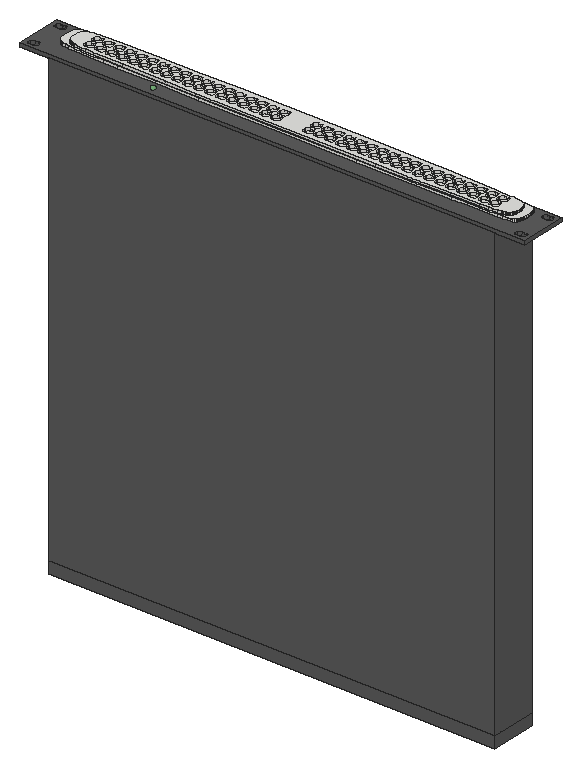
Revit family "Electronics_Messaging-Processors_Biamp_Vocia_MS-1e__", category Communication Devices, host Face, Revit 2020
Family settings
  Host = Face
  Maintain Annotation Orientation = No
  Round Connector Dimension = Use Diameter
  Part Type = Normal
  OmniClass Number = 23.85.10.11.11
  OmniClass Title = Sound and Signal Devices
  Cut with Voids When Loaded = No
  Shared = No
  Room Calculation Point = No
Parameters (values of type "MS-1e")
  Width = 19.00"  # constant formula
  Weight = 12.00 lbf  # constant formula
  Voltage = 120 V
  URL = "https://www.biamp.com/"
  Temperature Range = "32 - 113° F (0 – 45° C)"  # constant formula
  Product data url = "https://www.bimobject.com/biamp/product/vocia-ms-1e_messaging-processor"
  Product Page URL = "https://www.biamp.com/products/product-families/vocia/vocia-messaging-processors#vocia-ms-1e"
  Product Documentation Link = "https://downloads.biamp.com/assets/docs/default-source/data-sheets/biamp_data_sheet_vocia_ms-1e_may21.pdf"
  Power Factor = 1
  Number of Poles = 1
  Network Connection = "RJ-45 with shielded Ethernet (CAT5, CAT5e, CAT6, or CAT7)"  # constant formula
  Model = "Vocia MS-1e"
  Max Power Consumption = 300 W
  Manufacturer = "Biamp"  # constant formula
  Humidity = "5-95% non-condensing"  # constant formula
  Housing Material = Biamp - Metal - Black
  Height = 1.75"  # constant formula
  Description = "Vocia® MS-1e Message Processor"
  Depth = 17.50"  # constant formula
  Default Elevation = 48.00"
  Connector Description = "100-240VAC 50/60Hz"  # constant formula
  Compliance = "FCC Part 15 Class A (USA), CE marked (Europe), UL listed (USA and Canada), RoHS Directive (Europe)"  # constant formula
  Assembly Code = ""
  Apparent Load = Max Power Consumption / Power Factor  # 300 VA
  Altitude = "0-10,000 ft (0-3000m) MSL"  # constant formula
Reference planes (in)
  plane 1 "Center (Front/Back)": y = 0
  plane 2: z = 0
  plane 3 "Center (Left/Right)": x = 0
  plane 4: x = 18.34522
  plane 5: y = 0.62461
  plane 6: y = -0.62494
Forms (in)
  Extrusion 1, solid, material "Biamp - Metal - Black" <- "Housing Material"
    sketch origin (9.17118, -0.875, -8.63189) x (1, 0, 0) y (0, 0, -1)
      loop
        line (-8.40333, 8.33661) -> (-8.40333, -8.63189) -> (8.38801, -8.63189) -> (8.38801, 8.33661) -> (-8.40333, 8.33661)
    from 0 to 1.75
  Extrusion 2, solid, material "Biamp - Metal - Black" <- "Housing Material"
    sketch origin (9.17118, -0.875, -8.63189) x (1, 0, 0) y (0, 1, 0)
      loop
        line (-9.5, 1.75) -> (-9.5, 0) -> (9.5, 0) -> (9.5, 1.75) -> (-9.5, 1.75)
      loop
        arc (-9.24055, 1.6309) -> (-9.32188, 1.60351) -> (-9.37008, 1.5325) r 0.13446
        line (-9.37008, 1.5325) -> (-9.37008, 1.46673)
        arc (-9.37008, 1.46673) -> (-9.32188, 1.39572) -> (-9.24055, 1.36833) r 0.13446
        line (-9.24055, 1.36833) -> (-9.10181, 1.36833)
        arc (-9.10181, 1.36833) -> (-9.01886, 1.39742) -> (-8.97227, 1.47196) r 0.13277
        line (-8.97227, 1.47196) -> (-8.97227, 1.52727)
        arc (-8.97227, 1.52727) -> (-9.01886, 1.60181) -> (-9.10181, 1.6309) r 0.13277
        line (-9.10181, 1.6309) -> (-9.24055, 1.6309)
      loop
        arc (-9.24055, 0.38134) -> (-9.32188, 0.35395) -> (-9.37008, 0.28294) r 0.13446
        line (-9.37008, 0.28294) -> (-9.37008, 0.21717)
        arc (-9.37008, 0.21717) -> (-9.32188, 0.14616) -> (-9.24055, 0.11877) r 0.13446
        line (-9.24055, 0.11877) -> (-9.10181, 0.11877)
        arc (-9.10181, 0.11877) -> (-9.01886, 0.14786) -> (-8.97227, 0.2224) r 0.13277
        line (-8.97227, 0.2224) -> (-8.97227, 0.27771)
        arc (-8.97227, 0.27771) -> (-9.01886, 0.35225) -> (-9.10181, 0.38134) r 0.13277
        line (-9.10181, 0.38134) -> (-9.24055, 0.38134)
      loop
        arc (9.10467, 1.6309) -> (9.02334, 1.60351) -> (8.97514, 1.5325) r 0.13446
        line (8.97514, 1.5325) -> (8.97514, 1.46673)
        arc (8.97514, 1.46673) -> (9.02334, 1.39572) -> (9.10467, 1.36833) r 0.13446
        line (9.10467, 1.36833) -> (9.24341, 1.36833)
        arc (9.24341, 1.36833) -> (9.32636, 1.39742) -> (9.37295, 1.47196) r 0.13277
        line (9.37295, 1.47196) -> (9.37295, 1.52727)
        arc (9.37295, 1.52727) -> (9.32636, 1.60181) -> (9.24341, 1.6309) r 0.13277
        line (9.24341, 1.6309) -> (9.10467, 1.6309)
      loop
        arc (9.10467, 0.38134) -> (9.02334, 0.35395) -> (8.97514, 0.28294) r 0.13446
        line (8.97514, 0.28294) -> (8.97514, 0.21717)
        arc (8.97514, 0.21717) -> (9.02334, 0.14616) -> (9.10467, 0.11877) r 0.13446
        line (9.10467, 0.11877) -> (9.24341, 0.11877)
        arc (9.24341, 0.11877) -> (9.32636, 0.14786) -> (9.37295, 0.2224) r 0.13277
        line (9.37295, 0.2224) -> (9.37295, 0.27771)
        arc (9.37295, 0.27771) -> (9.32636, 0.35225) -> (9.24341, 0.38134) r 0.13277
        line (9.24341, 0.38134) -> (9.10467, 0.38134)
    from 8.63189 to 8.75
  Extrusion 3, solid, material "Biamp - Metal - Silver", detail levels medium+fine
    sketch origin (9.17118, -0.875, -8.63189) x (1, 0, 0) y (0, 1, 0)
      loop
        line (-8.32517, 1.6716) -> (-8.42659, 1.65719) -> (-8.46282, 1.65)
        arc (-8.46282, 1.65) -> (-8.51245, 1.63391) -> (-8.55699, 1.60672) r 0.22266
        line (-8.55699, 1.60672) -> (-8.58454, 1.58077) -> (-8.60916, 1.5505) -> (-8.62943, 1.52022) -> (-8.64682, 1.48564) -> (-8.65986, 1.45102) -> (-8.67146, 1.41353) -> (-8.68017, 1.37605) -> (-8.6874, 1.33568) -> (-8.69465, 1.2535) -> (-8.69609, 1.17132) -> (-8.69465, 1.08769) -> (-8.6874, 1.00549) -> (-8.68017, 0.96657) -> (-8.67146, 0.92764) -> (-8.65986, 0.89015) -> (-8.64682, 0.85555) -> (-8.62943, 0.82096) -> (-8.60916, 0.79066) -> (-8.58454, 0.7604) -> (-8.55699, 0.73444)
        arc (-8.55699, 0.73444) -> (-8.51345, 0.7051) -> (-8.46282, 0.69119) r 0.16224
        line (-8.46282, 0.69119) -> (-8.42659, 0.68399) -> (-8.32517, 0.67101) -> (-8.17446, 0.65803) -> (-7.96292, 0.64648) -> (-7.68036, 0.63639) -> (-7.31522, 0.62775) -> (-6.85445, 0.62054) -> (-6.28647, 0.61479) -> (-4.88461, 0.60613) -> (-3.23239, 0.60036) -> (-0.00084, 0.60036) -> (2.72034, 0.60036) -> (4.78368, 0.60613) -> (6.28336, 0.61479) -> (6.85136, 0.62054) -> (7.31211, 0.62775) -> (7.67726, 0.63639) -> (7.95984, 0.64648) -> (8.17138, 0.65803) -> (8.32207, 0.67101) -> (8.42349, 0.68399) -> (8.45971, 0.69119)
        arc (8.45971, 0.69119) -> (8.51035, 0.70508) -> (8.55389, 0.73444) r 0.16206
        line (8.55389, 0.73444) -> (8.58143, 0.7604) -> (8.60606, 0.79066) -> (8.62635, 0.82096) -> (8.64374, 0.85555) -> (8.65678, 0.89015) -> (8.66837, 0.92764) -> (8.67705, 0.96657) -> (8.68432, 1.00549) -> (8.69151, 1.08769) -> (8.69297, 1.17132) -> (8.69151, 1.2535) -> (8.68432, 1.33568) -> (8.67705, 1.37605) -> (8.66837, 1.41353) -> (8.65678, 1.45102) -> (8.64374, 1.48564) -> (8.62635, 1.52022) -> (8.60606, 1.5505) -> (8.58143, 1.58077) -> (8.55389, 1.60672)
        arc (8.55389, 1.60672) -> (8.50935, 1.63391) -> (8.45971, 1.65) r 0.22277
        line (8.45971, 1.65) -> (8.42349, 1.65719) -> (8.32207, 1.6716) -> (8.17138, 1.68312) -> (7.95984, 1.69468) -> (7.67726, 1.70477) -> (7.31211, 1.71342) -> (6.85136, 1.72064) -> (6.28336, 1.7264) -> (4.78368, 1.73504) -> (2.72034, 1.74226) -> (-0.00084, 1.74226) -> (-2.82128, 1.74226) -> (-4.88461, 1.73504) -> (-6.3843, 1.7264) -> (-6.95228, 1.72064) -> (-7.41306, 1.71342) -> (-7.7782, 1.70477) -> (-7.96292, 1.69468) -> (-8.17446, 1.68312) -> (-8.32517, 1.6716)
    from 8.75 to 8.82874
  Extrusion 4, solid, material "Biamp - Metal - Silver", detail levels medium+fine
    sketch origin (9.17118, -0.875, -8.32128) x (1, 0, 0) y (0, 1, 0)
      loop
        line (-8.37477, 1.08769) -> (-8.36541, 1.03461) -> (-8.35774, 1.0014) -> (-8.34837, 0.97075) -> (-8.3336, 0.93017) -> (-8.31918, 0.89924) -> (-8.3023, 0.87202) -> (-8.28075, 0.84723) -> (-8.25666, 0.82702) -> (-8.22822, 0.80855) -> (-8.19232, 0.79181) -> (-8.15482, 0.77741) -> (-8.11776, 0.76678) -> (-8.07375, 0.75662) -> (-8.02802, 0.74773) -> (-7.91451, 0.73178) -> (-7.7246, 0.71516) -> (-7.58628, 0.70899) -> (-7.26661, 0.69863) -> (-6.17634, 0.6734) -> (-4.575, 0.65767) -> (-3.39395, 0.64607) -> (0, 0.64607) -> (3.39395, 0.64607) -> (4.575, 0.65767) -> (6.17634, 0.6734) -> (7.26661, 0.69863) -> (7.58628, 0.70899) -> (7.7246, 0.71516) -> (7.91451, 0.73178) -> (8.02802, 0.74773) -> (8.07375, 0.75662) -> (8.11776, 0.76678) -> (8.15482, 0.77741) -> (8.19232, 0.79181) -> (8.22822, 0.80855) -> (8.25666, 0.82702) -> (8.28075, 0.84723) -> (8.3023, 0.87202) -> (8.31918, 0.89924) -> (8.3336, 0.93017) -> (8.34837, 0.97075) -> (8.35774, 1.0014) -> (8.36541, 1.03461) -> (8.37477, 1.08769) -> (8.37621, 1.17132) -> (8.37621, 1.20434) -> (8.37142, 1.25866) -> (8.36419, 1.30432) -> (8.3573, 1.33845) -> (8.33983, 1.40854) -> (8.32782, 1.44086) -> (8.31075, 1.47043) -> (8.28941, 1.49666) -> (8.26308, 1.52146) -> (8.23282, 1.54187) -> (8.19518, 1.56105) -> (8.15208, 1.57846) -> (8.09238, 1.59558) -> (8.05641, 1.60272) -> (7.99322, 1.61333) -> (7.92028, 1.62228) -> (7.7892, 1.6321) -> (7.61374, 1.63724) -> (7.10391, 1.65182) -> (5.71472, 1.68237) -> (5.4482, 1.68644) -> (4.98689, 1.69175) -> (4.74694, 1.69418) -> (4.30342, 1.6963) -> (2.60067, 1.70444) -> (0, 1.70444) -> (-2.60067, 1.70444) -> (-4.30342, 1.6963) -> (-4.74694, 1.69418) -> (-4.98689, 1.69175) -> (-5.4482, 1.68644) -> (-5.71472, 1.68237) -> (-7.10391, 1.65182) -> (-7.61374, 1.63724) -> (-7.7892, 1.6321) -> (-7.92028, 1.62228) -> (-7.99322, 1.61333) -> (-8.05641, 1.60272) -> (-8.09238, 1.59558) -> (-8.15208, 1.57846) -> (-8.19518, 1.56105) -> (-8.23282, 1.54187) -> (-8.26308, 1.52146) -> (-8.28941, 1.49666) -> (-8.31075, 1.47043) -> (-8.32782, 1.44086) -> (-8.33983, 1.40854) -> (-8.3573, 1.33845) -> (-8.36419, 1.30432) -> (-8.37142, 1.25866) -> (-8.37621, 1.20434) -> (-8.37621, 1.17132) -> (-8.37477, 1.08769)
      loop
        line (-7.82143, 1.37615) -> (-7.82143, 1.32966)
        arc (-7.82143, 1.32966) -> (-7.78222, 1.23501) -> (-7.68757, 1.1958) r 0.13386
        line (-7.68757, 1.1958) -> (-7.59423, 1.1958)
        arc (-7.59423, 1.1958) -> (-7.49956, 1.23502) -> (-7.46034, 1.3297) r 0.1339
        line (-7.46034, 1.3297) -> (-7.46034, 1.37611)
        arc (-7.46034, 1.37611) -> (-7.49956, 1.47079) -> (-7.59423, 1.51001) r 0.1339
        line (-7.59423, 1.51001) -> (-7.68757, 1.51001)
        arc (-7.68757, 1.51001) -> (-7.78222, 1.4708) -> (-7.82143, 1.37615) r 0.13386
      loop
        line (-7.82143, 1.0006) -> (-7.82143, 0.95411)
        arc (-7.82143, 0.95411) -> (-7.78222, 0.85946) -> (-7.68757, 0.82025) r 0.13386
        line (-7.68757, 0.82025) -> (-7.59423, 0.82025)
        arc (-7.59423, 0.82025) -> (-7.49956, 0.85947) -> (-7.46034, 0.95415) r 0.1339
        line (-7.46034, 0.95415) -> (-7.46034, 1.00056)
        arc (-7.46034, 1.00056) -> (-7.49956, 1.09524) -> (-7.59423, 1.13446) r 0.1339
        line (-7.59423, 1.13446) -> (-7.68757, 1.13446)
        arc (-7.68757, 1.13446) -> (-7.78222, 1.09525) -> (-7.82143, 1.0006) r 0.13386
      loop
        line (0.42289, 1.37615) -> (0.42289, 1.32966)
        arc (0.42289, 1.32966) -> (0.46209, 1.23501) -> (0.55675, 1.1958) r 0.13386
        line (0.55675, 1.1958) -> (0.65008, 1.1958)
        arc (0.65008, 1.1958) -> (0.74476, 1.23502) -> (0.78398, 1.3297) r 0.1339
        line (0.78398, 1.3297) -> (0.78398, 1.37611)
        arc (0.78398, 1.37611) -> (0.74476, 1.47079) -> (0.65008, 1.51001) r 0.1339
        line (0.65008, 1.51001) -> (0.55675, 1.51001)
        arc (0.55675, 1.51001) -> (0.46209, 1.4708) -> (0.42289, 1.37615) r 0.13386
      loop
        line (0.42289, 1.0006) -> (0.42289, 0.95411)
        arc (0.42289, 0.95411) -> (0.46209, 0.85946) -> (0.55675, 0.82025) r 0.13386
        line (0.55675, 0.82025) -> (0.65008, 0.82025)
        arc (0.65008, 0.82025) -> (0.74476, 0.85947) -> (0.78398, 0.95415) r 0.1339
        line (0.78398, 0.95415) -> (0.78398, 1.00056)
        arc (0.78398, 1.00056) -> (0.74476, 1.09524) -> (0.65008, 1.13446) r 0.1339
        line (0.65008, 1.13446) -> (0.55675, 1.13446)
        arc (0.55675, 1.13446) -> (0.46209, 1.09525) -> (0.42289, 1.0006) r 0.13386
      loop
        line (-7.41441, 1.37615) -> (-7.41441, 1.32966)
        arc (-7.41441, 1.32966) -> (-7.37521, 1.23501) -> (-7.28055, 1.1958) r 0.13386
        line (-7.28055, 1.1958) -> (-7.18722, 1.1958)
        arc (-7.18722, 1.1958) -> (-7.09254, 1.23502) -> (-7.05332, 1.3297) r 0.1339
        line (-7.05332, 1.3297) -> (-7.05332, 1.37611)
        arc (-7.05332, 1.37611) -> (-7.09254, 1.47079) -> (-7.18722, 1.51001) r 0.1339
        line (-7.18722, 1.51001) -> (-7.28055, 1.51001)
        arc (-7.28055, 1.51001) -> (-7.37521, 1.4708) -> (-7.41441, 1.37615) r 0.13386
      loop
        line (-7.40518, 1.0006) -> (-7.40518, 0.95411)
        arc (-7.40518, 0.95411) -> (-7.36598, 0.85946) -> (-7.27133, 0.82025) r 0.13386
        line (-7.27133, 0.82025) -> (-7.17799, 0.82025)
        arc (-7.17799, 0.82025) -> (-7.08331, 0.85947) -> (-7.0441, 0.95415) r 0.1339
        line (-7.0441, 0.95415) -> (-7.0441, 1.00056)
        arc (-7.0441, 1.00056) -> (-7.08331, 1.09524) -> (-7.17799, 1.13446) r 0.1339
        line (-7.17799, 1.13446) -> (-7.27133, 1.13446)
        arc (-7.27133, 1.13446) -> (-7.36598, 1.09525) -> (-7.40518, 1.0006) r 0.13386
      loop
        line (-7.00117, 1.37615) -> (-7.00117, 1.32966)
        arc (-7.00117, 1.32966) -> (-6.96197, 1.23501) -> (-6.86731, 1.1958) r 0.13386
        line (-6.86731, 1.1958) -> (-6.77398, 1.1958)
        arc (-6.77398, 1.1958) -> (-6.6793, 1.23502) -> (-6.64008, 1.3297) r 0.1339
        line (-6.64008, 1.3297) -> (-6.64008, 1.37611)
        arc (-6.64008, 1.37611) -> (-6.6793, 1.47079) -> (-6.77398, 1.51001) r 0.1339
        line (-6.77398, 1.51001) -> (-6.86731, 1.51001)
        arc (-6.86731, 1.51001) -> (-6.96197, 1.4708) -> (-7.00117, 1.37615) r 0.13386
      loop
        line (-6.99195, 1.0006) -> (-6.99195, 0.95411)
        arc (-6.99195, 0.95411) -> (-6.95274, 0.85946) -> (-6.85809, 0.82025) r 0.13386
        line (-6.85809, 0.82025) -> (-6.76475, 0.82025)
        arc (-6.76475, 0.82025) -> (-6.67007, 0.85947) -> (-6.63086, 0.95415) r 0.1339
        line (-6.63086, 0.95415) -> (-6.63086, 1.00056)
        arc (-6.63086, 1.00056) -> (-6.67007, 1.09524) -> (-6.76475, 1.13446) r 0.1339
        line (-6.76475, 1.13446) -> (-6.85809, 1.13446)
        arc (-6.85809, 1.13446) -> (-6.95274, 1.09525) -> (-6.99195, 1.0006) r 0.13386
      loop
        line (-6.58481, 1.37615) -> (-6.58481, 1.32966)
        arc (-6.58481, 1.32966) -> (-6.5456, 1.23501) -> (-6.45095, 1.1958) r 0.13386
        line (-6.45095, 1.1958) -> (-6.35762, 1.1958)
        arc (-6.35762, 1.1958) -> (-6.26294, 1.23502) -> (-6.22372, 1.3297) r 0.1339
        line (-6.22372, 1.3297) -> (-6.22372, 1.37611)
        arc (-6.22372, 1.37611) -> (-6.26294, 1.47079) -> (-6.35762, 1.51001) r 0.1339
        line (-6.35762, 1.51001) -> (-6.45095, 1.51001)
        arc (-6.45095, 1.51001) -> (-6.5456, 1.4708) -> (-6.58481, 1.37615) r 0.13386
      loop
        line (-6.57558, 1.0006) -> (-6.57558, 0.95411)
        arc (-6.57558, 0.95411) -> (-6.53638, 0.85946) -> (-6.44172, 0.82025) r 0.13386
        line (-6.44172, 0.82025) -> (-6.34839, 0.82025)
        arc (-6.34839, 0.82025) -> (-6.25371, 0.85947) -> (-6.21449, 0.95415) r 0.1339
        line (-6.21449, 0.95415) -> (-6.21449, 1.00056)
        arc (-6.21449, 1.00056) -> (-6.25371, 1.09524) -> (-6.34839, 1.13446) r 0.1339
        line (-6.34839, 1.13446) -> (-6.44172, 1.13446)
        arc (-6.44172, 1.13446) -> (-6.53638, 1.09525) -> (-6.57558, 1.0006) r 0.13386
      loop
        line (-6.17217, 1.37615) -> (-6.17217, 1.32966)
        arc (-6.17217, 1.32966) -> (-6.13296, 1.23501) -> (-6.03831, 1.1958) r 0.13386
        line (-6.03831, 1.1958) -> (-5.94498, 1.1958)
        arc (-5.94498, 1.1958) -> (-5.8503, 1.23502) -> (-5.81108, 1.3297) r 0.1339
        line (-5.81108, 1.3297) -> (-5.81108, 1.37611)
        arc (-5.81108, 1.37611) -> (-5.8503, 1.47079) -> (-5.94498, 1.51001) r 0.1339
        line (-5.94498, 1.51001) -> (-6.03831, 1.51001)
        arc (-6.03831, 1.51001) -> (-6.13296, 1.4708) -> (-6.17217, 1.37615) r 0.13386
      loop
        line (-6.16294, 1.0006) -> (-6.16294, 0.95411)
        arc (-6.16294, 0.95411) -> (-6.12374, 0.85946) -> (-6.02908, 0.82025) r 0.13386
        line (-6.02908, 0.82025) -> (-5.93575, 0.82025)
        arc (-5.93575, 0.82025) -> (-5.84107, 0.85947) -> (-5.80185, 0.95415) r 0.1339
        line (-5.80185, 0.95415) -> (-5.80185, 1.00056)
        arc (-5.80185, 1.00056) -> (-5.84107, 1.09524) -> (-5.93575, 1.13446) r 0.1339
        line (-5.93575, 1.13446) -> (-6.02908, 1.13446)
        arc (-6.02908, 1.13446) -> (-6.12374, 1.09525) -> (-6.16294, 1.0006) r 0.13386
      loop
        line (-5.75929, 1.37615) -> (-5.75929, 1.32966)
        arc (-5.75929, 1.32966) -> (-5.72008, 1.23501) -> (-5.62543, 1.1958) r 0.13386
        line (-5.62543, 1.1958) -> (-5.53209, 1.1958)
        arc (-5.53209, 1.1958) -> (-5.43741, 1.23502) -> (-5.3982, 1.3297) r 0.1339
        line (-5.3982, 1.3297) -> (-5.3982, 1.37611)
        arc (-5.3982, 1.37611) -> (-5.43741, 1.47079) -> (-5.53209, 1.51001) r 0.1339
        line (-5.53209, 1.51001) -> (-5.62543, 1.51001)
        arc (-5.62543, 1.51001) -> (-5.72008, 1.4708) -> (-5.75929, 1.37615) r 0.13386
      loop
        line (-5.75313, 1.0006) -> (-5.75313, 0.95411)
        arc (-5.75313, 0.95411) -> (-5.71393, 0.85946) -> (-5.61928, 0.82025) r 0.13386
        line (-5.61928, 0.82025) -> (-5.52594, 0.82025)
        arc (-5.52594, 0.82025) -> (-5.43126, 0.85947) -> (-5.39204, 0.95415) r 0.1339
        line (-5.39204, 0.95415) -> (-5.39204, 1.00056)
        arc (-5.39204, 1.00056) -> (-5.43126, 1.09524) -> (-5.52594, 1.13446) r 0.1339
        line (-5.52594, 1.13446) -> (-5.61928, 1.13446)
        arc (-5.61928, 1.13446) -> (-5.71393, 1.09525) -> (-5.75313, 1.0006) r 0.13386
      loop
        line (-5.34622, 1.37615) -> (-5.34622, 1.32966)
        arc (-5.34622, 1.32966) -> (-5.30702, 1.23501) -> (-5.21236, 1.1958) r 0.13386
        line (-5.21236, 1.1958) -> (-5.11903, 1.1958)
        arc (-5.11903, 1.1958) -> (-5.02435, 1.23502) -> (-4.98513, 1.3297) r 0.1339
        line (-4.98513, 1.3297) -> (-4.98513, 1.37611)
        arc (-4.98513, 1.37611) -> (-5.02435, 1.47079) -> (-5.11903, 1.51001) r 0.1339
        line (-5.11903, 1.51001) -> (-5.21236, 1.51001)
        arc (-5.21236, 1.51001) -> (-5.30702, 1.4708) -> (-5.34622, 1.37615) r 0.13386
      loop
        line (-5.34007, 1.0006) -> (-5.34007, 0.95411)
        arc (-5.34007, 0.95411) -> (-5.30086, 0.85946) -> (-5.20621, 0.82025) r 0.13386
        line (-5.20621, 0.82025) -> (-5.11288, 0.82025)
        arc (-5.11288, 0.82025) -> (-5.0182, 0.85947) -> (-4.97898, 0.95415) r 0.1339
        line (-4.97898, 0.95415) -> (-4.97898, 1.00056)
        arc (-4.97898, 1.00056) -> (-5.0182, 1.09524) -> (-5.11288, 1.13446) r 0.1339
        line (-5.11288, 1.13446) -> (-5.20621, 1.13446)
        arc (-5.20621, 1.13446) -> (-5.30086, 1.09525) -> (-5.34007, 1.0006) r 0.13386
      loop
        line (-4.93026, 1.37615) -> (-4.93026, 1.32966)
        arc (-4.93026, 1.32966) -> (-4.89105, 1.23501) -> (-4.7964, 1.1958) r 0.13386
        line (-4.7964, 1.1958) -> (-4.70307, 1.1958)
        arc (-4.70307, 1.1958) -> (-4.60839, 1.23502) -> (-4.56917, 1.3297) r 0.1339
        line (-4.56917, 1.3297) -> (-4.56917, 1.37611)
        arc (-4.56917, 1.37611) -> (-4.60839, 1.47079) -> (-4.70307, 1.51001) r 0.1339
        line (-4.70307, 1.51001) -> (-4.7964, 1.51001)
        arc (-4.7964, 1.51001) -> (-4.89105, 1.4708) -> (-4.93026, 1.37615) r 0.13386
      loop
        line (-4.92411, 1.0006) -> (-4.92411, 0.95411)
        arc (-4.92411, 0.95411) -> (-4.8849, 0.85946) -> (-4.79025, 0.82025) r 0.13386
        line (-4.79025, 0.82025) -> (-4.69692, 0.82025)
        arc (-4.69692, 0.82025) -> (-4.60224, 0.85947) -> (-4.56302, 0.95415) r 0.1339
        line (-4.56302, 0.95415) -> (-4.56302, 1.00056)
        arc (-4.56302, 1.00056) -> (-4.60224, 1.09524) -> (-4.69692, 1.13446) r 0.1339
        line (-4.69692, 1.13446) -> (-4.79025, 1.13446)
        arc (-4.79025, 1.13446) -> (-4.8849, 1.09525) -> (-4.92411, 1.0006) r 0.13386
      loop
        line (-4.51767, 1.37615) -> (-4.51767, 1.32966)
        arc (-4.51767, 1.32966) -> (-4.47846, 1.23501) -> (-4.38381, 1.1958) r 0.13386
        line (-4.38381, 1.1958) -> (-4.29048, 1.1958)
        arc (-4.29048, 1.1958) -> (-4.1958, 1.23502) -> (-4.15658, 1.3297) r 0.1339
        line (-4.15658, 1.3297) -> (-4.15658, 1.37611)
        arc (-4.15658, 1.37611) -> (-4.1958, 1.47079) -> (-4.29048, 1.51001) r 0.1339
        line (-4.29048, 1.51001) -> (-4.38381, 1.51001)
        arc (-4.38381, 1.51001) -> (-4.47846, 1.4708) -> (-4.51767, 1.37615) r 0.13386
      loop
        line (-4.51152, 1.0006) -> (-4.51152, 0.95411)
        arc (-4.51152, 0.95411) -> (-4.47231, 0.85946) -> (-4.37766, 0.82025) r 0.13386
        line (-4.37766, 0.82025) -> (-4.28433, 0.82025)
        arc (-4.28433, 0.82025) -> (-4.18965, 0.85947) -> (-4.15043, 0.95415) r 0.1339
        line (-4.15043, 0.95415) -> (-4.15043, 1.00056)
        arc (-4.15043, 1.00056) -> (-4.18965, 1.09524) -> (-4.28433, 1.13446) r 0.1339
        line (-4.28433, 1.13446) -> (-4.37766, 1.13446)
        arc (-4.37766, 1.13446) -> (-4.47231, 1.09525) -> (-4.51152, 1.0006) r 0.13386
      loop
        line (-4.10774, 1.37615) -> (-4.10774, 1.32966)
        arc (-4.10774, 1.32966) -> (-4.06854, 1.23501) -> (-3.97389, 1.1958) r 0.13386
        line (-3.97389, 1.1958) -> (-3.88055, 1.1958)
        arc (-3.88055, 1.1958) -> (-3.78587, 1.23502) -> (-3.74665, 1.3297) r 0.1339
        line (-3.74665, 1.3297) -> (-3.74665, 1.37611)
        arc (-3.74665, 1.37611) -> (-3.78587, 1.47079) -> (-3.88055, 1.51001) r 0.1339
        line (-3.88055, 1.51001) -> (-3.97389, 1.51001)
        arc (-3.97389, 1.51001) -> (-4.06854, 1.4708) -> (-4.10774, 1.37615) r 0.13386
      loop
        line (-4.10159, 1.0006) -> (-4.10159, 0.95411)
        arc (-4.10159, 0.95411) -> (-4.06239, 0.85946) -> (-3.96773, 0.82025) r 0.13386
        line (-3.96773, 0.82025) -> (-3.8744, 0.82025)
        arc (-3.8744, 0.82025) -> (-3.77972, 0.85947) -> (-3.7405, 0.95415) r 0.1339
        line (-3.7405, 0.95415) -> (-3.7405, 1.00056)
        arc (-3.7405, 1.00056) -> (-3.77972, 1.09524) -> (-3.8744, 1.13446) r 0.1339
        line (-3.8744, 1.13446) -> (-3.96773, 1.13446)
        arc (-3.96773, 1.13446) -> (-4.06239, 1.09525) -> (-4.10159, 1.0006) r 0.13386
      loop
        line (-3.69493, 1.37615) -> (-3.69493, 1.32966)
        arc (-3.69493, 1.32966) -> (-3.65573, 1.23501) -> (-3.56108, 1.1958) r 0.13386
        line (-3.56108, 1.1958) -> (-3.46774, 1.1958)
        arc (-3.46774, 1.1958) -> (-3.37306, 1.23502) -> (-3.33385, 1.3297) r 0.1339
        line (-3.33385, 1.3297) -> (-3.33385, 1.37611)
        arc (-3.33385, 1.37611) -> (-3.37306, 1.47079) -> (-3.46774, 1.51001) r 0.1339
        line (-3.46774, 1.51001) -> (-3.56108, 1.51001)
        arc (-3.56108, 1.51001) -> (-3.65573, 1.4708) -> (-3.69493, 1.37615) r 0.13386
      loop
        line (-3.68878, 1.0006) -> (-3.68878, 0.95411)
        arc (-3.68878, 0.95411) -> (-3.64958, 0.85946) -> (-3.55492, 0.82025) r 0.13386
        line (-3.55492, 0.82025) -> (-3.46159, 0.82025)
        arc (-3.46159, 0.82025) -> (-3.36691, 0.85947) -> (-3.32769, 0.95415) r 0.1339
        line (-3.32769, 0.95415) -> (-3.32769, 1.00056)
        arc (-3.32769, 1.00056) -> (-3.36691, 1.09524) -> (-3.46159, 1.13446) r 0.1339
        line (-3.46159, 1.13446) -> (-3.55492, 1.13446)
        arc (-3.55492, 1.13446) -> (-3.64958, 1.09525) -> (-3.68878, 1.0006) r 0.13386
      loop
        line (-3.27888, 1.37615) -> (-3.27888, 1.32966)
        arc (-3.27888, 1.32966) -> (-3.23968, 1.23501) -> (-3.14503, 1.1958) r 0.13386
        line (-3.14503, 1.1958) -> (-3.05169, 1.1958)
        arc (-3.05169, 1.1958) -> (-2.95701, 1.23502) -> (-2.9178, 1.3297) r 0.1339
        line (-2.9178, 1.3297) -> (-2.9178, 1.37611)
        arc (-2.9178, 1.37611) -> (-2.95701, 1.47079) -> (-3.05169, 1.51001) r 0.1339
        line (-3.05169, 1.51001) -> (-3.14503, 1.51001)
        arc (-3.14503, 1.51001) -> (-3.23968, 1.4708) -> (-3.27888, 1.37615) r 0.13386
      loop
        line (-3.27273, 1.0006) -> (-3.27273, 0.95411)
        arc (-3.27273, 0.95411) -> (-3.23353, 0.85946) -> (-3.13887, 0.82025) r 0.13386
        line (-3.13887, 0.82025) -> (-3.04554, 0.82025)
        arc (-3.04554, 0.82025) -> (-2.95086, 0.85947) -> (-2.91164, 0.95415) r 0.1339
        line (-2.91164, 0.95415) -> (-2.91164, 1.00056)
        arc (-2.91164, 1.00056) -> (-2.95086, 1.09524) -> (-3.04554, 1.13446) r 0.1339
        line (-3.04554, 1.13446) -> (-3.13887, 1.13446)
        arc (-3.13887, 1.13446) -> (-3.23353, 1.09525) -> (-3.27273, 1.0006) r 0.13386
      loop
        line (-2.86575, 1.37615) -> (-2.86575, 1.32966)
        arc (-2.86575, 1.32966) -> (-2.82654, 1.23501) -> (-2.73189, 1.1958) r 0.13386
        line (-2.73189, 1.1958) -> (-2.63855, 1.1958)
        arc (-2.63855, 1.1958) -> (-2.54388, 1.23502) -> (-2.50466, 1.3297) r 0.1339
        line (-2.50466, 1.3297) -> (-2.50466, 1.37611)
        arc (-2.50466, 1.37611) -> (-2.54388, 1.47079) -> (-2.63855, 1.51001) r 0.1339
        line (-2.63855, 1.51001) -> (-2.73189, 1.51001)
        arc (-2.73189, 1.51001) -> (-2.82654, 1.4708) -> (-2.86575, 1.37615) r 0.13386
      loop
        line (-2.8596, 1.0006) -> (-2.8596, 0.95411)
        arc (-2.8596, 0.95411) -> (-2.82039, 0.85946) -> (-2.72574, 0.82025) r 0.13386
        line (-2.72574, 0.82025) -> (-2.6324, 0.82025)
        arc (-2.6324, 0.82025) -> (-2.53772, 0.85947) -> (-2.49851, 0.95415) r 0.1339
        line (-2.49851, 0.95415) -> (-2.49851, 1.00056)
        arc (-2.49851, 1.00056) -> (-2.53772, 1.09524) -> (-2.6324, 1.13446) r 0.1339
        line (-2.6324, 1.13446) -> (-2.72574, 1.13446)
        arc (-2.72574, 1.13446) -> (-2.82039, 1.09525) -> (-2.8596, 1.0006) r 0.13386
      loop
        line (-2.45662, 1.37615) -> (-2.45662, 1.32966)
        arc (-2.45662, 1.32966) -> (-2.41742, 1.23501) -> (-2.32277, 1.1958) r 0.13386
        line (-2.32277, 1.1958) -> (-2.22943, 1.1958)
        arc (-2.22943, 1.1958) -> (-2.13475, 1.23502) -> (-2.09554, 1.3297) r 0.1339
        line (-2.09554, 1.3297) -> (-2.09554, 1.37611)
        arc (-2.09554, 1.37611) -> (-2.13475, 1.47079) -> (-2.22943, 1.51001) r 0.1339
        line (-2.22943, 1.51001) -> (-2.32277, 1.51001)
        arc (-2.32277, 1.51001) -> (-2.41742, 1.4708) -> (-2.45662, 1.37615) r 0.13386
      loop
        line (-2.44741, 1.00015) -> (-2.44741, 0.95459)
        arc (-2.44741, 0.95459) -> (-2.40806, 0.8596) -> (-2.31307, 0.82025) r 0.13434
        line (-2.31307, 0.82025) -> (-2.22054, 0.82025)
        arc (-2.22054, 0.82025) -> (-2.12563, 0.85957) -> (-2.08631, 0.95449) r 0.13424
        line (-2.08631, 0.95449) -> (-2.08631, 1.00136)
        arc (-2.08631, 1.00136) -> (-2.12529, 1.09548) -> (-2.2194, 1.13446) r 0.1331
        line (-2.2194, 1.13446) -> (-2.3131, 1.13446)
        arc (-2.3131, 1.13446) -> (-2.40807, 1.09512) -> (-2.44741, 1.00015) r 0.13431
      loop
        arc (-1.90991, 1.51001) -> (-2.00456, 1.4708) -> (-2.04376, 1.37615) r 0.13386
        line (-2.04376, 1.37615) -> (-2.04376, 1.32966)
        arc (-2.04376, 1.32966) -> (-2.00456, 1.23501) -> (-1.90991, 1.1958) r 0.13386
        line (-1.90991, 1.1958) -> (-1.81647, 1.1958)
        arc (-1.81647, 1.1958) -> (-1.72182, 1.23501) -> (-1.68261, 1.32966) r 0.13386
        line (-1.68261, 1.32966) -> (-1.68261, 1.37615)
        arc (-1.68261, 1.37615) -> (-1.72182, 1.4708) -> (-1.81647, 1.51001) r 0.13386
        line (-1.81647, 1.51001) -> (-1.90991, 1.51001)
      loop
        arc (-1.89875, 1.1347) -> (-1.99477, 1.09493) -> (-2.03454, 0.99892) r 0.13578
        line (-2.03454, 0.99892) -> (-2.03454, 0.95565)
        arc (-2.03454, 0.95565) -> (-1.99518, 0.86063) -> (-1.90016, 0.82127) r 0.13438
        line (-1.90016, 0.82127) -> (-1.807, 0.82127)
        arc (-1.807, 0.82127) -> (-1.71277, 0.8603) -> (-1.67374, 0.95453) r 0.13326
        line (-1.67374, 0.95453) -> (-1.67374, 1.0014)
        arc (-1.67374, 1.0014) -> (-1.71278, 1.09566) -> (-1.80704, 1.1347) r 0.1333
        line (-1.80704, 1.1347) -> (-1.89875, 1.1347)
      loop
        arc (-1.48454, 1.13446) -> (-1.5792, 1.09525) -> (-1.6184, 1.0006) r 0.13386
        line (-1.6184, 1.0006) -> (-1.6184, 0.95513)
        arc (-1.6184, 0.95513) -> (-1.5792, 0.86048) -> (-1.48454, 0.82127) r 0.13386
        line (-1.48454, 0.82127) -> (-1.39186, 0.82127)
        arc (-1.39186, 0.82127) -> (-1.29665, 0.86071) -> (-1.25722, 0.95591) r 0.13464
        line (-1.25722, 0.95591) -> (-1.25722, 1.0006)
        arc (-1.25722, 1.0006) -> (-1.29643, 1.09525) -> (-1.39108, 1.13446) r 0.13386
        line (-1.39108, 1.13446) -> (-1.48454, 1.13446)
      loop
        arc (-1.49454, 1.51001) -> (-1.58919, 1.4708) -> (-1.6284, 1.37615) r 0.13386
        line (-1.6284, 1.37615) -> (-1.6284, 1.32966)
        arc (-1.6284, 1.32966) -> (-1.58919, 1.23501) -> (-1.49454, 1.1958) r 0.13386
        line (-1.49454, 1.1958) -> (-1.4004, 1.1958)
        arc (-1.4004, 1.1958) -> (-1.30575, 1.23501) -> (-1.26655, 1.32966) r 0.13386
        line (-1.26655, 1.32966) -> (-1.26655, 1.37615)
        arc (-1.26655, 1.37615) -> (-1.30575, 1.4708) -> (-1.4004, 1.51001) r 0.13386
        line (-1.4004, 1.51001) -> (-1.49454, 1.51001)
      loop
        arc (-1.08188, 1.51001) -> (-1.17653, 1.4708) -> (-1.21573, 1.37615) r 0.13386
        line (-1.21573, 1.37615) -> (-1.21573, 1.32966)
        arc (-1.21573, 1.32966) -> (-1.17653, 1.23501) -> (-1.08188, 1.1958) r 0.13386
        line (-1.08188, 1.1958) -> (-0.98735, 1.1958)
        arc (-0.98735, 1.1958) -> (-0.89316, 1.23482) -> (-0.85414, 1.32901) r 0.13321
        line (-0.85414, 1.32901) -> (-0.85414, 1.37615)
        arc (-0.85414, 1.37615) -> (-0.89335, 1.4708) -> (-0.988, 1.51001) r 0.13386
        line (-0.988, 1.51001) -> (-1.08188, 1.51001)
      loop
        arc (-1.07188, 1.13533) -> (-1.16653, 1.09613) -> (-1.20574, 1.00147) r 0.13386
        line (-1.20574, 1.00147) -> (-1.20574, 0.95513)
        arc (-1.20574, 0.95513) -> (-1.16653, 0.86048) -> (-1.07188, 0.82127) r 0.13386
        line (-1.07188, 0.82127) -> (-0.978, 0.82127)
        arc (-0.978, 0.82127) -> (-0.88335, 0.86048) -> (-0.84414, 0.95513) r 0.13386
        line (-0.84414, 0.95513) -> (-0.84414, 1.00147)
        arc (-0.84414, 1.00147) -> (-0.88335, 1.09613) -> (-0.978, 1.13533) r 0.13386
        line (-0.978, 1.13533) -> (-1.07188, 1.13533)
      loop
        arc (-0.66496, 1.51001) -> (-0.75961, 1.4708) -> (-0.79881, 1.37615) r 0.13386
        line (-0.79881, 1.37615) -> (-0.79881, 1.32966)
        arc (-0.79881, 1.32966) -> (-0.75961, 1.23501) -> (-0.66496, 1.1958) r 0.13386
        line (-0.66496, 1.1958) -> (-0.57161, 1.1958)
        arc (-0.57161, 1.1958) -> (-0.47696, 1.23501) -> (-0.43775, 1.32966) r 0.13386
        line (-0.43775, 1.32966) -> (-0.43775, 1.37615)
        arc (-0.43775, 1.37615) -> (-0.47696, 1.4708) -> (-0.57161, 1.51001) r 0.13386
        line (-0.57161, 1.51001) -> (-0.66496, 1.51001)
      loop
        arc (-0.66496, 1.13533) -> (-0.75961, 1.09613) -> (-0.79881, 1.00147) r 0.13386
        line (-0.79881, 1.00147) -> (-0.79881, 0.95513)
        arc (-0.79881, 0.95513) -> (-0.75961, 0.86048) -> (-0.66496, 0.82127) r 0.13386
        line (-0.66496, 0.82127) -> (-0.57183, 0.82127)
        arc (-0.57183, 0.82127) -> (-0.47718, 0.86048) -> (-0.43797, 0.95513) r 0.13386
        line (-0.43797, 0.95513) -> (-0.43797, 1.00147)
        arc (-0.43797, 1.00147) -> (-0.47718, 1.09613) -> (-0.57183, 1.13533) r 0.13386
        line (-0.57183, 1.13533) -> (-0.66496, 1.13533)
      loop
        arc (0.96233, 1.51001) -> (0.86768, 1.4708) -> (0.82847, 1.37615) r 0.13386
        line (0.82847, 1.37615) -> (0.82847, 1.32966)
        arc (0.82847, 1.32966) -> (0.86768, 1.23501) -> (0.96233, 1.1958) r 0.13386
        line (0.96233, 1.1958) -> (1.05602, 1.1958)
        arc (1.05602, 1.1958) -> (1.15067, 1.23501) -> (1.18988, 1.32966) r 0.13386
        line (1.18988, 1.32966) -> (1.18988, 1.37615)
        arc (1.18988, 1.37615) -> (1.15067, 1.4708) -> (1.05602, 1.51001) r 0.13386
        line (1.05602, 1.51001) -> (0.96233, 1.51001)
      loop
        arc (1.37543, 1.51001) -> (1.28077, 1.4708) -> (1.24157, 1.37615) r 0.13386
        line (1.24157, 1.37615) -> (1.24157, 1.32966)
        arc (1.24157, 1.32966) -> (1.28077, 1.23501) -> (1.37543, 1.1958) r 0.13386
        line (1.37543, 1.1958) -> (1.46899, 1.1958)
        arc (1.46899, 1.1958) -> (1.56365, 1.23501) -> (1.60285, 1.32966) r 0.13386
        line (1.60285, 1.32966) -> (1.60285, 1.37615)
        arc (1.60285, 1.37615) -> (1.56365, 1.4708) -> (1.46899, 1.51001) r 0.13386
        line (1.46899, 1.51001) -> (1.37543, 1.51001)
      loop
        arc (1.79235, 1.51001) -> (1.6977, 1.4708) -> (1.65849, 1.37615) r 0.13386
        line (1.65849, 1.37615) -> (1.65849, 1.32966)
        arc (1.65849, 1.32966) -> (1.6977, 1.23501) -> (1.79235, 1.1958) r 0.13386
        line (1.79235, 1.1958) -> (1.88465, 1.1958)
        arc (1.88465, 1.1958) -> (1.9793, 1.23501) -> (2.0185, 1.32966) r 0.13386
        line (2.0185, 1.32966) -> (2.0185, 1.37615)
        arc (2.0185, 1.37615) -> (1.9793, 1.4708) -> (1.88465, 1.51001) r 0.13386
        line (1.88465, 1.51001) -> (1.79235, 1.51001)
      loop
        arc (2.20518, 1.51001) -> (2.11053, 1.4708) -> (2.07132, 1.37615) r 0.13386
        line (2.07132, 1.37615) -> (2.07132, 1.32966)
        arc (2.07132, 1.32966) -> (2.11053, 1.23501) -> (2.20518, 1.1958) r 0.13386
        line (2.20518, 1.1958) -> (2.29598, 1.1958)
        arc (2.29598, 1.1958) -> (2.39151, 1.23537) -> (2.43108, 1.3309) r 0.1351
        line (2.43108, 1.3309) -> (2.43108, 1.37615)
        arc (2.43108, 1.37615) -> (2.39187, 1.4708) -> (2.29722, 1.51001) r 0.13386
        line (2.29722, 1.51001) -> (2.20518, 1.51001)
      loop
        arc (0.97156, 1.13446) -> (0.87691, 1.09525) -> (0.8377, 1.0006) r 0.13386
        line (0.8377, 1.0006) -> (0.8377, 0.95411)
        arc (0.8377, 0.95411) -> (0.87691, 0.85946) -> (0.97156, 0.82025) r 0.13386
        line (0.97156, 0.82025) -> (1.06525, 0.82025)
        arc (1.06525, 0.82025) -> (1.1599, 0.85946) -> (1.19911, 0.95411) r 0.13386
        line (1.19911, 0.95411) -> (1.19911, 1.0006)
        arc (1.19911, 1.0006) -> (1.1599, 1.09525) -> (1.06525, 1.13446) r 0.13386
        line (1.06525, 1.13446) -> (0.97156, 1.13446)
      loop
        arc (1.38465, 1.13446) -> (1.29, 1.09525) -> (1.2508, 1.0006) r 0.13386
        line (1.2508, 1.0006) -> (1.2508, 0.95411)
        arc (1.2508, 0.95411) -> (1.29, 0.85946) -> (1.38465, 0.82025) r 0.13386
        line (1.38465, 0.82025) -> (1.47745, 0.82025)
        arc (1.47745, 0.82025) -> (1.5721, 0.85946) -> (1.61131, 0.95411) r 0.13386
        line (1.61131, 0.95411) -> (1.61131, 1.00175)
        arc (1.61131, 1.00175) -> (1.57244, 1.09559) -> (1.4786, 1.13446) r 0.13271
        line (1.4786, 1.13446) -> (1.38465, 1.13446)
      loop
        arc (1.80157, 1.13446) -> (1.70692, 1.09525) -> (1.66772, 1.0006) r 0.13386
        line (1.66772, 1.0006) -> (1.66772, 0.95411)
        arc (1.66772, 0.95411) -> (1.70692, 0.85946) -> (1.80157, 0.82025) r 0.13386
        line (1.80157, 0.82025) -> (1.89426, 0.82025)
        arc (1.89426, 0.82025) -> (1.98891, 0.85946) -> (2.02812, 0.95411) r 0.13386
        line (2.02812, 0.95411) -> (2.02812, 1.0006)
        arc (2.02812, 1.0006) -> (1.98891, 1.09525) -> (1.89426, 1.13446) r 0.13386
        line (1.89426, 1.13446) -> (1.80157, 1.13446)
      loop
        arc (2.21364, 1.13446) -> (2.11899, 1.09525) -> (2.07978, 1.0006) r 0.13386
        line (2.07978, 1.0006) -> (2.07978, 0.95411)
        arc (2.07978, 0.95411) -> (2.11899, 0.85946) -> (2.21364, 0.82025) r 0.13386
        line (2.21364, 0.82025) -> (2.30683, 0.82025)
        arc (2.30683, 0.82025) -> (2.40149, 0.85946) -> (2.44069, 0.95411) r 0.13386
        line (2.44069, 0.95411) -> (2.44069, 1.00219)
        arc (2.44069, 1.00219) -> (2.40195, 1.09572) -> (2.30843, 1.13446) r 0.13227
        line (2.30843, 1.13446) -> (2.21364, 1.13446)
      loop
        arc (2.61683, 1.51001) -> (2.52218, 1.4708) -> (2.48297, 1.37615) r 0.13386
        line (2.48297, 1.37615) -> (2.48297, 1.32966)
        arc (2.48297, 1.32966) -> (2.52218, 1.23501) -> (2.61683, 1.1958) r 0.13386
        line (2.61683, 1.1958) -> (2.71052, 1.1958)
        arc (2.71052, 1.1958) -> (2.80517, 1.23501) -> (2.84438, 1.32966) r 0.13386
        line (2.84438, 1.32966) -> (2.84438, 1.37615)
        arc (2.84438, 1.37615) -> (2.80517, 1.4708) -> (2.71052, 1.51001) r 0.13386
        line (2.71052, 1.51001) -> (2.61683, 1.51001)
      loop
        arc (3.02993, 1.51001) -> (2.93527, 1.4708) -> (2.89607, 1.37615) r 0.13386
        line (2.89607, 1.37615) -> (2.89607, 1.32966)
        arc (2.89607, 1.32966) -> (2.93527, 1.23501) -> (3.02993, 1.1958) r 0.13386
        line (3.02993, 1.1958) -> (3.12349, 1.1958)
        arc (3.12349, 1.1958) -> (3.21814, 1.23501) -> (3.25735, 1.32966) r 0.13386
        line (3.25735, 1.32966) -> (3.25735, 1.37615)
        arc (3.25735, 1.37615) -> (3.21814, 1.4708) -> (3.12349, 1.51001) r 0.13386
        line (3.12349, 1.51001) -> (3.02993, 1.51001)
      loop
        arc (3.44685, 1.51001) -> (3.35219, 1.4708) -> (3.31299, 1.37615) r 0.13386
        line (3.31299, 1.37615) -> (3.31299, 1.32966)
        arc (3.31299, 1.32966) -> (3.35219, 1.23501) -> (3.44685, 1.1958) r 0.13386
        line (3.44685, 1.1958) -> (3.53914, 1.1958)
        arc (3.53914, 1.1958) -> (3.6338, 1.23501) -> (3.673, 1.32966) r 0.13386
        line (3.673, 1.32966) -> (3.673, 1.37615)
        arc (3.673, 1.37615) -> (3.6338, 1.4708) -> (3.53914, 1.51001) r 0.13386
        line (3.53914, 1.51001) -> (3.44685, 1.51001)
      loop
        arc (3.85968, 1.51001) -> (3.76503, 1.4708) -> (3.72582, 1.37615) r 0.13386
        line (3.72582, 1.37615) -> (3.72582, 1.32966)
        arc (3.72582, 1.32966) -> (3.76503, 1.23501) -> (3.85968, 1.1958) r 0.13386
        line (3.85968, 1.1958) -> (3.95172, 1.1958)
        arc (3.95172, 1.1958) -> (4.04637, 1.23501) -> (4.08558, 1.32966) r 0.13386
        line (4.08558, 1.32966) -> (4.08558, 1.37615)
        arc (4.08558, 1.37615) -> (4.04637, 1.4708) -> (3.95172, 1.51001) r 0.13386
        line (3.95172, 1.51001) -> (3.85968, 1.51001)
      loop
        arc (2.62298, 1.13446) -> (2.52833, 1.09525) -> (2.48912, 1.0006) r 0.13386
        line (2.48912, 1.0006) -> (2.48912, 0.95411)
        arc (2.48912, 0.95411) -> (2.52833, 0.85946) -> (2.62298, 0.82025) r 0.13386
        line (2.62298, 0.82025) -> (2.71667, 0.82025)
        arc (2.71667, 0.82025) -> (2.81132, 0.85946) -> (2.85053, 0.95411) r 0.13386
        line (2.85053, 0.95411) -> (2.85053, 1.0006)
        arc (2.85053, 1.0006) -> (2.81132, 1.09525) -> (2.71667, 1.13446) r 0.13386
        line (2.71667, 1.13446) -> (2.62298, 1.13446)
      loop
        arc (3.03608, 1.13446) -> (2.94143, 1.09525) -> (2.90222, 1.0006) r 0.13386
        line (2.90222, 1.0006) -> (2.90222, 0.95411)
        arc (2.90222, 0.95411) -> (2.94143, 0.85946) -> (3.03608, 0.82025) r 0.13386
        line (3.03608, 0.82025) -> (3.12964, 0.82025)
        arc (3.12964, 0.82025) -> (3.2243, 0.85946) -> (3.2635, 0.95411) r 0.13386
        line (3.2635, 0.95411) -> (3.2635, 1.0006)
        arc (3.2635, 1.0006) -> (3.2243, 1.09525) -> (3.12964, 1.13446) r 0.13386
        line (3.12964, 1.13446) -> (3.03608, 1.13446)
      loop
        arc (3.453, 1.13446) -> (3.35835, 1.09525) -> (3.31914, 1.0006) r 0.13386
        line (3.31914, 1.0006) -> (3.31914, 0.95411)
        arc (3.31914, 0.95411) -> (3.35835, 0.85946) -> (3.453, 0.82025) r 0.13386
        line (3.453, 0.82025) -> (3.54568, 0.82025)
        arc (3.54568, 0.82025) -> (3.64033, 0.85946) -> (3.67954, 0.95411) r 0.13386
        line (3.67954, 0.95411) -> (3.67954, 1.0006)
        arc (3.67954, 1.0006) -> (3.64033, 1.09525) -> (3.54568, 1.13446) r 0.13386
        line (3.54568, 1.13446) -> (3.453, 1.13446)
      loop
        arc (3.86506, 1.13446) -> (3.77041, 1.09525) -> (3.7312, 1.0006) r 0.13386
        line (3.7312, 1.0006) -> (3.7312, 0.95411)
        arc (3.7312, 0.95411) -> (3.77041, 0.85946) -> (3.86506, 0.82025) r 0.13386
        line (3.86506, 0.82025) -> (3.95826, 0.82025)
        arc (3.95826, 0.82025) -> (4.05291, 0.85946) -> (4.09212, 0.95411) r 0.13386
        line (4.09212, 0.95411) -> (4.09212, 1.0006)
        arc (4.09212, 1.0006) -> (4.05291, 1.09525) -> (3.95826, 1.13446) r 0.13386
        line (3.95826, 1.13446) -> (3.86506, 1.13446)
      loop
        arc (4.2687, 1.51001) -> (4.17405, 1.4708) -> (4.13485, 1.37615) r 0.13386
        line (4.13485, 1.37615) -> (4.13485, 1.32966)
        arc (4.13485, 1.32966) -> (4.17405, 1.23501) -> (4.2687, 1.1958) r 0.13386
        line (4.2687, 1.1958) -> (4.36239, 1.1958)
        arc (4.36239, 1.1958) -> (4.45704, 1.23501) -> (4.49625, 1.32966) r 0.13386
        line (4.49625, 1.32966) -> (4.49625, 1.37615)
        arc (4.49625, 1.37615) -> (4.45704, 1.4708) -> (4.36239, 1.51001) r 0.13386
        line (4.36239, 1.51001) -> (4.2687, 1.51001)
      loop
        arc (4.6818, 1.51001) -> (4.58715, 1.4708) -> (4.54794, 1.37615) r 0.13386
        line (4.54794, 1.37615) -> (4.54794, 1.32966)
        arc (4.54794, 1.32966) -> (4.58715, 1.23501) -> (4.6818, 1.1958) r 0.13386
        line (4.6818, 1.1958) -> (4.77537, 1.1958)
        arc (4.77537, 1.1958) -> (4.87002, 1.23501) -> (4.90922, 1.32966) r 0.13386
        line (4.90922, 1.32966) -> (4.90922, 1.37615)
        arc (4.90922, 1.37615) -> (4.87002, 1.4708) -> (4.77537, 1.51001) r 0.13386
        line (4.77537, 1.51001) -> (4.6818, 1.51001)
      loop
        arc (5.09872, 1.51001) -> (5.00407, 1.4708) -> (4.96486, 1.37615) r 0.13386
        line (4.96486, 1.37615) -> (4.96486, 1.32966)
        arc (4.96486, 1.32966) -> (5.00407, 1.23501) -> (5.09872, 1.1958) r 0.13386
        line (5.09872, 1.1958) -> (5.19102, 1.1958)
        arc (5.19102, 1.1958) -> (5.28567, 1.23501) -> (5.32488, 1.32966) r 0.13386
        line (5.32488, 1.32966) -> (5.32488, 1.37615)
        arc (5.32488, 1.37615) -> (5.28567, 1.4708) -> (5.19102, 1.51001) r 0.13386
        line (5.19102, 1.51001) -> (5.09872, 1.51001)
      loop
        arc (5.51155, 1.51001) -> (5.4169, 1.4708) -> (5.3777, 1.37615) r 0.13386
        line (5.3777, 1.37615) -> (5.3777, 1.32966)
        arc (5.3777, 1.32966) -> (5.4169, 1.23501) -> (5.51155, 1.1958) r 0.13386
        line (5.51155, 1.1958) -> (5.60359, 1.1958)
        arc (5.60359, 1.1958) -> (5.69825, 1.23501) -> (5.73745, 1.32966) r 0.13386
        line (5.73745, 1.32966) -> (5.73745, 1.37615)
        arc (5.73745, 1.37615) -> (5.69825, 1.4708) -> (5.60359, 1.51001) r 0.13386
        line (5.60359, 1.51001) -> (5.51155, 1.51001)
      loop
        arc (4.27485, 1.13446) -> (4.1802, 1.09525) -> (4.141, 1.0006) r 0.13386
        line (4.141, 1.0006) -> (4.141, 0.95411)
        arc (4.141, 0.95411) -> (4.1802, 0.85946) -> (4.27485, 0.82025) r 0.13386
        line (4.27485, 0.82025) -> (4.36854, 0.82025)
        arc (4.36854, 0.82025) -> (4.4632, 0.85946) -> (4.5024, 0.95411) r 0.13386
        line (4.5024, 0.95411) -> (4.5024, 1.0006)
        arc (4.5024, 1.0006) -> (4.4632, 1.09525) -> (4.36854, 1.13446) r 0.13386
        line (4.36854, 1.13446) -> (4.27485, 1.13446)
      loop
        arc (4.68795, 1.13446) -> (4.5933, 1.09525) -> (4.55409, 1.0006) r 0.13386
        line (4.55409, 1.0006) -> (4.55409, 0.95411)
        arc (4.55409, 0.95411) -> (4.5933, 0.85946) -> (4.68795, 0.82025) r 0.13386
        line (4.68795, 0.82025) -> (4.78075, 0.82025)
        arc (4.78075, 0.82025) -> (4.8754, 0.85946) -> (4.91461, 0.95411) r 0.13386
        line (4.91461, 0.95411) -> (4.91461, 1.0006)
        arc (4.91461, 1.0006) -> (4.8754, 1.09525) -> (4.78075, 1.13446) r 0.13386
        line (4.78075, 1.13446) -> (4.68795, 1.13446)
      loop
        arc (5.10487, 1.13446) -> (5.01022, 1.09525) -> (4.97101, 1.0006) r 0.13386
        line (4.97101, 1.0006) -> (4.97101, 0.95411)
        arc (4.97101, 0.95411) -> (5.01022, 0.85946) -> (5.10487, 0.82025) r 0.13386
        line (5.10487, 0.82025) -> (5.19755, 0.82025)
        arc (5.19755, 0.82025) -> (5.29221, 0.85946) -> (5.33141, 0.95411) r 0.13386
        line (5.33141, 0.95411) -> (5.33141, 1.0006)
        arc (5.33141, 1.0006) -> (5.29221, 1.09525) -> (5.19755, 1.13446) r 0.13386
        line (5.19755, 1.13446) -> (5.10487, 1.13446)
      loop
        arc (5.51694, 1.13446) -> (5.42228, 1.09525) -> (5.38308, 1.0006) r 0.13386
        line (5.38308, 1.0006) -> (5.38308, 0.95411)
        arc (5.38308, 0.95411) -> (5.42228, 0.85946) -> (5.51694, 0.82025) r 0.13386
        line (5.51694, 0.82025) -> (5.61013, 0.82025)
        arc (5.61013, 0.82025) -> (5.70478, 0.85946) -> (5.74399, 0.95411) r 0.13386
        line (5.74399, 0.95411) -> (5.74399, 1.0006)
        arc (5.74399, 1.0006) -> (5.70478, 1.09525) -> (5.61013, 1.13446) r 0.13386
        line (5.61013, 1.13446) -> (5.51694, 1.13446)
      loop
        arc (5.91793, 1.51001) -> (5.82328, 1.4708) -> (5.78407, 1.37615) r 0.13386
        line (5.78407, 1.37615) -> (5.78407, 1.32966)
        arc (5.78407, 1.32966) -> (5.82328, 1.23501) -> (5.91793, 1.1958) r 0.13386
        line (5.91793, 1.1958) -> (6.01162, 1.1958)
        arc (6.01162, 1.1958) -> (6.10627, 1.23501) -> (6.14548, 1.32966) r 0.13386
        line (6.14548, 1.32966) -> (6.14548, 1.37615)
        arc (6.14548, 1.37615) -> (6.10627, 1.4708) -> (6.01162, 1.51001) r 0.13386
        line (6.01162, 1.51001) -> (5.91793, 1.51001)
      loop
        arc (6.33102, 1.51001) -> (6.23637, 1.4708) -> (6.19717, 1.37615) r 0.13386
        line (6.19717, 1.37615) -> (6.19717, 1.32966)
        arc (6.19717, 1.32966) -> (6.23637, 1.23501) -> (6.33102, 1.1958) r 0.13386
        line (6.33102, 1.1958) -> (6.42459, 1.1958)
        arc (6.42459, 1.1958) -> (6.51924, 1.23501) -> (6.55845, 1.32966) r 0.13386
        line (6.55845, 1.32966) -> (6.55845, 1.37615)
        arc (6.55845, 1.37615) -> (6.51924, 1.4708) -> (6.42459, 1.51001) r 0.13386
        line (6.42459, 1.51001) -> (6.33102, 1.51001)
      loop
        arc (6.74795, 1.51001) -> (6.65329, 1.4708) -> (6.61409, 1.37615) r 0.13386
        line (6.61409, 1.37615) -> (6.61409, 1.32966)
        arc (6.61409, 1.32966) -> (6.65329, 1.23501) -> (6.74795, 1.1958) r 0.13386
        line (6.74795, 1.1958) -> (6.84024, 1.1958)
        arc (6.84024, 1.1958) -> (6.9349, 1.23501) -> (6.9741, 1.32966) r 0.13386
        line (6.9741, 1.32966) -> (6.9741, 1.37615)
        arc (6.9741, 1.37615) -> (6.9349, 1.4708) -> (6.84024, 1.51001) r 0.13386
        line (6.84024, 1.51001) -> (6.74795, 1.51001)
      loop
        arc (7.16078, 1.51001) -> (7.06613, 1.4708) -> (7.02692, 1.37615) r 0.13386
        line (7.02692, 1.37615) -> (7.02692, 1.32966)
        arc (7.02692, 1.32966) -> (7.06613, 1.23501) -> (7.16078, 1.1958) r 0.13386
        line (7.16078, 1.1958) -> (7.25282, 1.1958)
        arc (7.25282, 1.1958) -> (7.34747, 1.23501) -> (7.38668, 1.32966) r 0.13386
        line (7.38668, 1.32966) -> (7.38668, 1.37615)
        arc (7.38668, 1.37615) -> (7.34747, 1.4708) -> (7.25282, 1.51001) r 0.13386
        line (7.25282, 1.51001) -> (7.16078, 1.51001)
      loop
        arc (5.92716, 1.13446) -> (5.8325, 1.09525) -> (5.7933, 1.0006) r 0.13386
        line (5.7933, 1.0006) -> (5.7933, 0.95411)
        arc (5.7933, 0.95411) -> (5.8325, 0.85946) -> (5.92716, 0.82025) r 0.13386
        line (5.92716, 0.82025) -> (6.03326, 0.82025)
        arc (6.03326, 0.82025) -> (6.11913, 0.85582) -> (6.1547, 0.9417) r 0.12145
        line (6.1547, 0.9417) -> (6.1547, 1.0006)
        arc (6.1547, 1.0006) -> (6.1155, 1.09525) -> (6.02085, 1.13446) r 0.13386
        line (6.02085, 1.13446) -> (5.92716, 1.13446)
      loop
        arc (6.34179, 1.13446) -> (6.24714, 1.09525) -> (6.20793, 1.0006) r 0.13386
        line (6.20793, 1.0006) -> (6.20793, 0.95411)
        arc (6.20793, 0.95411) -> (6.24714, 0.85946) -> (6.34179, 0.82025) r 0.13386
        line (6.34179, 0.82025) -> (6.43613, 0.82025)
        arc (6.43613, 0.82025) -> (6.53078, 0.85946) -> (6.56998, 0.95411) r 0.13386
        line (6.56998, 0.95411) -> (6.56998, 1.0006)
        arc (6.56998, 1.0006) -> (6.53078, 1.09525) -> (6.43613, 1.13446) r 0.13386
        line (6.43613, 1.13446) -> (6.34179, 1.13446)
      loop
        arc (6.75871, 1.13446) -> (6.66406, 1.09525) -> (6.62485, 1.0006) r 0.13386
        line (6.62485, 1.0006) -> (6.62485, 0.95411)
        arc (6.62485, 0.95411) -> (6.66406, 0.85946) -> (6.75871, 0.82025) r 0.13386
        line (6.75871, 0.82025) -> (6.85139, 0.82025)
        arc (6.85139, 0.82025) -> (6.94605, 0.85946) -> (6.98525, 0.95411) r 0.13386
        line (6.98525, 0.95411) -> (6.98525, 1.0006)
        arc (6.98525, 1.0006) -> (6.94605, 1.09525) -> (6.85139, 1.13446) r 0.13386
        line (6.85139, 1.13446) -> (6.75871, 1.13446)
      loop
        arc (7.17154, 1.13446) -> (7.07689, 1.09525) -> (7.03769, 1.0006) r 0.13386
        line (7.03769, 1.0006) -> (7.03769, 0.95411)
        arc (7.03769, 0.95411) -> (7.07689, 0.85946) -> (7.17154, 0.82025) r 0.13386
        line (7.17154, 0.82025) -> (7.26551, 0.82025)
        arc (7.26551, 0.82025) -> (7.36016, 0.85946) -> (7.39937, 0.95411) r 0.13386
        line (7.39937, 0.95411) -> (7.39937, 1.0006)
        arc (7.39937, 1.0006) -> (7.36016, 1.09525) -> (7.26551, 1.13446) r 0.13386
        line (7.26551, 1.13446) -> (7.17154, 1.13446)
      loop
        arc (7.57825, 1.51001) -> (7.4836, 1.4708) -> (7.44439, 1.37615) r 0.13386
        line (7.44439, 1.37615) -> (7.44439, 1.32966)
        arc (7.44439, 1.32966) -> (7.4836, 1.23501) -> (7.57825, 1.1958) r 0.13386
        line (7.57825, 1.1958) -> (7.67183, 1.1958)
        arc (7.67183, 1.1958) -> (7.76648, 1.23501) -> (7.80568, 1.32966) r 0.13386
        line (7.80568, 1.32966) -> (7.80568, 1.37615)
        arc (7.80568, 1.37615) -> (7.76648, 1.4708) -> (7.67183, 1.51001) r 0.13386
        line (7.67183, 1.51001) -> (7.57825, 1.51001)
      loop
        arc (7.57825, 1.13446) -> (7.4836, 1.09525) -> (7.44439, 1.0006) r 0.13386
        line (7.44439, 1.0006) -> (7.44439, 0.95411)
        arc (7.44439, 0.95411) -> (7.4836, 0.85946) -> (7.57825, 0.82025) r 0.13386
        line (7.57825, 0.82025) -> (7.67144, 0.82025)
        arc (7.67144, 0.82025) -> (7.76609, 0.85946) -> (7.8053, 0.95411) r 0.13386
        line (7.8053, 0.95411) -> (7.8053, 1.0006)
        arc (7.8053, 1.0006) -> (7.76609, 1.09525) -> (7.67144, 1.13446) r 0.13386
        line (7.67144, 1.13446) -> (7.57825, 1.13446)
    from 8.51813 to 8.59687
  Extrusion 5, solid, material "Biamp - Metal - Black" <- "Housing Material"
    sketch origin (9.17118, -0.875, -17.38189) x (0, 1, 0) y (-1, 0, 0)
      loop
        line (1.75, -8.38801) -> (1.75, 8.40333) -> (0, 8.40333) -> (0, -8.38801) -> (1.75, -8.38801)
      loop
        line (1.44598, -6.18328) -> (0.24522, -6.18328) -> (0.24522, -7.12816) -> (1.44598, -7.12816) -> (1.44598, -6.18328)
      loop
        arc (0.67287, -3.12921) -> (0.63574, -3.04959) -> (0.55088, -3.02685) r 0.10394
        line (0.55088, -3.02685) -> (0.42865, -3.0484)
        arc (0.42865, -3.0484) -> (0.36708, -3.08395) -> (0.34277, -3.15075) r 0.10393
        line (0.34277, -3.15075) -> (0.34277, -3.60953)
        arc (0.34277, -3.60953) -> (0.36708, -3.67633) -> (0.42865, -3.71188) r 0.10393
        line (0.42865, -3.71188) -> (0.55088, -3.73343)
        arc (0.55088, -3.73343) -> (0.63574, -3.71069) -> (0.67287, -3.63107) r 0.10394
        line (0.67287, -3.63107) -> (0.67287, -3.12921)
      loop
        line (0.76098, -2.04981) -> (0.37711, -2.04981) -> (0.37711, -2.52028) -> (0.76098, -2.52028) -> (0.76098, -2.04981)
      loop
        line (0.76098, -1.49982) -> (0.37711, -1.49982) -> (0.37711, -1.97029) -> (0.76098, -1.97029) -> (0.76098, -1.49982)
      loop
        line (0.76098, -0.7506) -> (0.37711, -0.7506) -> (0.37711, -1.22108) -> (0.76098, -1.22108) -> (0.76098, -0.7506)
      loop
        line (0.76098, -0.20061) -> (0.37711, -0.20061) -> (0.37711, -0.67108) -> (0.76098, -0.67108) -> (0.76098, -0.20061)
      loop
        line (0.95388, 0.87773) -> (0.87, 0.87773) -> (0.77473, 0.79586) -> (0.77473, 0.40844) -> (0.87002, 0.32656) -> (0.95388, 0.32656) -> (0.95388, 0.87773)
      loop
        line (0.48144, 0.87773) -> (0.3951, 0.87773) -> (0.30229, 0.79603) -> (0.30229, 0.40826) -> (0.3951, 0.32656) -> (0.48144, 0.32656) -> (0.48144, 0.87773)
